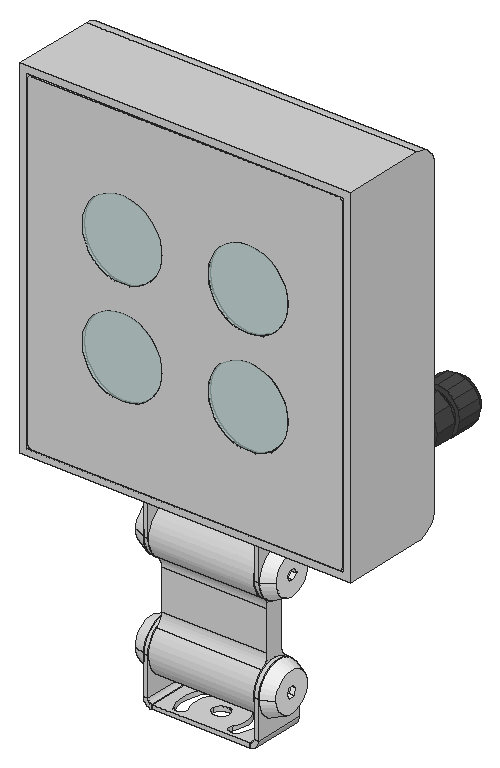
Revit family "Duomo 2.0", category Lighting Fixtures, Revit 2020
Family settings
  Round Connector Dimension = Use Diameter
  Part Type = Normal
  OmniClass Number = 23.80.70.00
  OmniClass Title = Lighting
  Work Plane-Based = No
  Always vertical = No
  Cut with Voids When Loaded = No
  Light Source = No
  Shared = No
  Room Calculation Point = Yes
Parameters (values of type "DUOMO 2.0 J 43° (3000K 19W 230Vac)")
  Wiring = "parallel"
  Width mm = 50 mm
  Weight kg = "1.55 kg"
  Vertical rotation max = 220.00°
  Vertical Rotation Structure max [instance] = 280.00°
  Vertical Rotation Structure Adjusted [instance] = if(Vertical Rotation Structure 2 < Vertical Rotation Structure min, Vertical Rotation Structure min, if(Vertical Rotation Structure 2 > Vertical Rotation Structure max, Vertical Rotation Structure max, Vertical Rotation Structure 2))  # 180.00°
  Vertical Rotation Structure 2 [instance] = Vertical Rotation Structure + 180.00°  # 180.00°
  Vertical Rotation Structure min [instance] = 60.00°
  Vertical Rotation Body min [instance] = 60.00°
  Vertical Rotation Body max [instance] = 280.00°
  Vertical Rotation Body Adjusted [instance] = if(Vertical Rotation Body 2 < Vertical Rotation Body min, Vertical Rotation Body min, if(Vertical Rotation Body 2 > Vertical Rotation Body max, Vertical Rotation Body max, Vertical Rotation Body 2))  # 180.00°
  Vertical Rotation Body 2 [instance] = Vertical Rotation Body + 180.00°  # 180.00°
  Vertical Rotation Body [instance] = 0.00°
  URL Accessories and power supply units = "https://www.lucelight.it/en/prodotto.php/130043#a-scheda-accessori"
  URL = "https://www.lucelight.it/en/prodotto.php/130043"
  URL Technical sheet = "-"
  URL Image = "https://www.lucelight.it/en/prodotto-foto.php/130043"
  URL IES Photometric file = "https://www.lucelight.it/media/prodotti/fotometrie/duomo_2.0_ies.zip"
  URL General code = "https://www.lucelight.it/en/prodotto.php/130043#a-generacodice"
  URL Description = "https://www.lucelight.it/en/capitolato.php/130043"
  URL DXF = "https://www.lucelight.it/media/prodotti/dxf/duomo_2.0.dxf"
  URL Catalogue = "-"
  Screw = L&L_Steel inox AISI 316L
  Power supply unit = "built-in"
  Power supply = "230Vac\r\n230Vac"
  Power cables = "-"
  Light Source = Light Source_20 : J 43°
  Connector = L&L_Plastic
  Power = "19W"
  Optics = "43°"
  No. and type of led = "4 power LEDs High Intensity, 3-step MacAdam, 50 000h L90 B10 (Ta 25°C)"
  Model = "Duomo 2.0"
  Manufacturer = "L&L Luce&Light"
  Notes = "available on request with adapter for Eurostandard track and in DALI, 1–10V or PUSH version, or with Bluetooth control"
  Mounting = "surface mounted (ceiling, wall, floor)"
  Material = "body and arm in Anticorodal aluminium,  screen in serigraphed, tempered, extra-clear glass"
  Lumen output at source = "1629 lm (3000K, CRI 90), 1760 lm (3000K, CRI 80)"
  Description = "Projector for indoor applications"
  Default Elevation = 0 mm
  Body = L&L_Anticorodal aluminium
  Base = L&L_Anticorodal aluminium
  Lens = L&L_Tempered extra-clear glass
  Length mm = 156 mm
  LED Colour = "3000K (also available: 2700K and 4000K - ref. URL Technical sheet)"
  IP = "IP54"
  Height mm = 166 mm
  Vertical Rotation Structure [instance] = 0.00°
  Features = "electrical wiring simplified by the ability to connect the electrical cables directly to the connector"
  Energy efficiency class = "A A+ A++"
  Delivered lumen output = "1322 lm (3000K, 30°, CRI 90), 1428 lm (3000K, 30°, CRI 80)"
  Cutout dimensions = "-"
  Control system = "ON/OFF"
  Contact = "T: +39 0444 360571; E: lucelight@lucelight.it"
  Company = "L&L Luce&Light"
  Code = "-"
  CRI = ">90 (also available: CRI 80 - ref. URL Technical sheet)"
  Apparent Load Phase 1 = 19 W
Types (8, lengths in mm): name | Light Source | Optics
  DUOMO 2.0 J 43° (3000K 19W 230Vac) | Light Source_20 : J 43° | "43°"
  DUOMO 2.0 K 63° (3000K 19W 230Vac) | Light Source_20 : K 63° | "63°"
  DUOMO 2.0 L 35° (3000K 19W 230Vac) | Light Source_20 : L 35° | "35°"
  DUOMO 2.0 M 30° (3000K 19W 230Vac) | Light Source_20 : M 30° | "30°"
  DUOMO 2.0 S 14° (3000K 19W 230Vac) | Light Source_20 : S 14° | "14°"
  DUOMO 2.0 T 10° (3000K 19W 230Vac) | Light Source_20 : T 10° | "10°"
  DUOMO 2.0 W 18°x44° (3000K 19W 230Vac) | Light Source_20 : W 18°x44° | "18°x44°"
  DUOMO 2.0 X 44°x18° (3000K 19W 230Vac) | Light Source_20 : X 44°x18° | "44°x18°"
Reference planes
  plane 1 "Light Source Axis (F/B)": y = 0
  plane 2: z = 0
  plane 3 "Light Source Axis (L/R)": x = 0
  plane 4 "Light Source Elevation": z = 420
Lines and regions (mm)
  reference lines
    curve 1: line (0, 0, 22) -> (0, 0, -55)
    curve 2: line (0, 0, 22) -> (0, 0, 82)
Dimensions and locks
  level to plane 4 "Light Source Elevation" = 420 mm
  locked: curve 1 to level (angle 90.00°)
  "Vertical Rotation Structure Adjusted": angle curve 1 to curve 2
  aligned and locked: level to plane 2
  aligned and locked: curve 1 to plane 1 "Light Source Axis (F/B)"
Automatic sketch dimensions
  level to curve 2 = 22 mm
Nested families
  nested 1: "Bracket" at (0, 0, 0), Vertical Rotation <- "Vertical Rotation Structure Adjusted", Base Braket <- "Base", Screw <- "Screw", type "Bracket"
    with Vertical Rotation 180.00°, Screw L&L_Steel inox AISI 316L, Base Braket L&L_Anticorodal aluminium
  nested 2: "Light Source_20" at (-5.209, -21.5, 177.993) x (-1, 0, 0) z (0, -1, 0), type <- "Light Source", type "J 43°"
  nested 3: "Duomo 20_Body" at (0.18, 0, 72), Base Braket <- "Base", Body <- "Body", Connector <- "Connector", Lens <- "Lens", Screw <- "Screw", Vertical Rotation <- "Vertical Rotation Body Adjusted", type "Duomo 20_Body"
    with Vertical Rotation 180.00°, Screw L&L_Steel inox AISI 316L, Lens L&L_Tempered extra-clear glass, Connector L&L_Plastic, Body L&L_Anticorodal aluminium, Base Braket L&L_Anticorodal aluminium
Connectors
  electrical at (0, 0, 0)
    settings: index 1, voltage 0 V, apparent load 0 VA, apparent load phase1 0 VA, apparent load phase2 0 VA, apparent load phase3 0 VA, power factor 1, load classification "Other", number of poles 1, system type 31, power factor state 1, is connector primary yes, connector utility no, sub classification motor no, connector description ""
Definition of nested family "Bracket"
  Parameters (values of type "Bracket")
    Width = 24 mm
    Vertical Rotation [instance] = 180.00°
    Screw [instance] = none
    Length = 66.8 mm
    Default Elevation = 0 mm
    Base Braket [instance] = none
  Reference planes
    plane 1 "Light Source Axis (F/B)": y = 0
    plane 2: z = 0
    plane 3 "Light Source Axis (L/R)": x = 0
    plane 4 "Light Source Elevation": z = 475
    plane 5: x = -33.4
    plane 6: x = 33.4
    plane 7: y = 12
    plane 8: y = -12
  Forms (mm)
    Extrusion 1, solid, material <- "Base Braket"
      sketch origin (0, 0, 0) x (1, 0, 0) y (0, 0, 1)
        loop
          arc (-27.4, 4) -> (-26.228, 1.172) -> (-23.4, 0) r 4
          line (-23.4, 0) -> (-23.4, 2)
          arc (-23.4, 2) -> (-24.814, 2.586) -> (-25.4, 4) r 2
          line (-25.4, 4) -> (-27.4, 4)
        loop
          arc (23.4, 0) -> (26.228, 1.172) -> (27.4, 4) r 4
          line (27.4, 4) -> (25.4, 4)
          arc (25.4, 4) -> (24.814, 2.586) -> (23.4, 2) r 2
          line (23.4, 2) -> (23.4, 0)
      from -12 to 12
    Extrusion 2, solid, material <- "Base Braket", detail levels coarse+medium
      sketch origin (0, 0, 0) x (1, 0, 0) y (0, 1, 0)
        loop
          line (-23.4, 12) -> (-23.4, -12) -> (23.4, -12) -> (23.4, 12) -> (-23.4, 12)
      from 0 to 2
    Extrusion 3, solid, material <- "Base Braket", detail levels fine
      sketch origin (0, 0, 0) x (1, 0, 0) y (0, 1, 0)
        loop
          line (-23.4, 12) -> (-23.4, -12) -> (23.4, -12) -> (23.4, 12) -> (-23.4, 12)
        loop
          circle (0, 0) r 4
        loop
          arc (-10.442, 5.913) -> (-11.574, 10.002) -> (-15.663, 8.87) r 3
          arc (-15.663, 8.87) -> (-18, 0) -> (-15.663, -8.87) r 18
          arc (-15.663, -8.87) -> (-11.574, -10.002) -> (-10.442, -5.913) r 3
          arc (-10.442, -5.913) -> (-12, 0) -> (-10.442, 5.913) r 12
        loop
          arc (10.442, 5.913) -> (12, 0) -> (10.442, -5.913) r 12
          arc (10.442, -5.913) -> (11.574, -10.002) -> (15.663, -8.87) r 3
          arc (15.663, -8.87) -> (18, 0) -> (15.663, 8.87) r 18
          arc (15.663, 8.87) -> (11.574, 10.002) -> (10.442, 5.913) r 3
      from 0 to 2
    Extrusion 4, solid, material <- "Base Braket"
      sketch origin (0, 0, 0) x (0, 1, 0) y (0, 0, 1)
        loop
          line (12, 4) -> (12, 22)
          arc (12, 22) -> (0, 34) -> (-12, 22) r 12
          line (-12, 22) -> (-12, 4) -> (12, 4)
      from -27.4 to -25.4
    Extrusion 5, solid, material <- "Base Braket"
      sketch origin (31.914, 0, 0) x (0, 1, 0) y (0, 0, 1)
        loop
          line (12, 4) -> (12, 22)
          arc (12, 22) -> (0, 34) -> (-12, 22) r 12
          line (-12, 22) -> (-12, 4) -> (12, 4)
      from -6.514 to -4.514
    Blend 6, solid, material <- "Screw", detail levels fine
      base sketch origin (0, 0, 0) x (0, 1, 0) y (0, 0, 1)
        loop
          circle (0, 22) r 12
      top sketch origin (0, 0, 0) x (0, 1, 0) y (0, 0, 1)
        loop
          circle (0, 22) r 9.138
      from 27.4 to 33.4
    Blend 7, solid, material <- "Screw", detail levels fine
      base sketch origin (0, 0, 0) x (0, 1, 0) y (0, 0, -1)
        loop
          circle (0, -22) r 12
      top sketch origin (0, 0, 0) x (0, 1, 0) y (0, 0, -1)
        loop
          circle (0, -22) r 9.138
      from 27.4 to 33.4
    Extrusion 8, solid, material <- "Screw", detail levels medium
      sketch origin (0, 0, 0) x (0, 1, 0) y (0, 0, 1)
        loop
          circle (0, 22) r 12
      from -33.4 to -27.4
    Extrusion 9, solid, material <- "Screw", detail levels medium
      sketch origin (0, 0, 0) x (0, 1, 0) y (0, 0, -1)
        loop
          circle (0, -22) r 12
      from -33.4 to -27.4
    Extrusion 10, void
      sketch origin (0, 0, 0) x (0, 1, 0) y (0, 0, 1)
        loop
          line (-1.844, 24.221) -> (-2.845, 21.513) -> (-1.001, 19.292) -> (1.844, 19.779) -> (2.845, 22.487) -> (1.001, 24.708) -> (-1.844, 24.221)
      from -46.814 to -30.9
    Extrusion 11, void
      sketch origin (0, 0, 0) x (0, 1, 0) y (0, 0, -1)
        loop
          line (-1.844, -24.221) -> (1.001, -24.708) -> (2.845, -22.487) -> (1.844, -19.779) -> (-1.001, -19.292) -> (-2.845, -21.513) -> (-1.844, -24.221)
      from -46.814 to -30.9
    Extrusion 12, solid, material <- "Base Braket"
      sketch origin (0, 0, 22) x (0, 0, 1) y (0, -1, 0)
        loop
          arc (9.784, 6.947) -> (-12, 0) -> (9.784, -6.947) r 12
          arc (9.784, -6.947) -> (12.28, -4.78) -> (15.492, -4) r 7
          line (15.492, -4) -> (34.508, -4)
          arc (34.508, -4) -> (37.72, -4.78) -> (40.216, -6.947) r 7
          arc (40.216, -6.947) -> (38, 0) -> (40.216, 6.947) r 12
          arc (40.216, 6.947) -> (37.72, 4.78) -> (34.508, 4) r 7
          line (34.508, 4) -> (15.492, 4)
          arc (15.492, 4) -> (12.28, 4.78) -> (9.784, 6.947) r 7
      from -24.9 to 25.1
  Cuts and joins
    Extrusion 10 cuts Blend 7
    Extrusion 11 cuts Blend 6
  Lines and regions (mm)
    reference lines
      curve 1: line (0, 0, 0) -> (0, 0, 22)
      curve 2: line (0, 0, 22) -> (0, 0, 84.907)
  Dimensions and locks
    equal spacing: plane 5, plane 3 "Light Source Axis (L/R)", plane 6
    "Length": plane 5 to plane 6
    level to plane 4 "Light Source Elevation" = 475 mm
    equal spacing: plane 7, plane 1 "Light Source Axis (F/B)", plane 8
    "Width": plane 7 to plane 8
    locked: curve 1 to level (angle 90.00°)
    "Vertical Rotation": angle curve 1 to curve 2
    aligned and locked: level to plane 2
    aligned and locked: plane 7 to Extrusion 1
    aligned and locked: Extrusion 1 to plane 8
    aligned and locked: Extrusion 2 sketch curve to Extrusion 1  (x4)
  Automatic sketch dimensions
    Extrusion 1 sketch curve to level = 0 mm  (x2)
    Extrusion 1 sketch curve to Extrusion 1 sketch curve = 2 mm  (x4)
    Extrusion 3 sketch curve to Extrusion 3 sketch curve = 0 mm  (x13)
    Extrusion 3 sketch curve to plane 8 = 0 mm
    Extrusion 3 sketch curve to plane 7 = 0 mm
    plane 1 "Light Source Axis (F/B)" to Extrusion 3 sketch curve = 0 mm
    Extrusion 3 sketch curve to plane 3 "Light Source Axis (L/R)" = 0 mm
    plane 8 to Extrusion 3 sketch curve = 4.609 mm  (x2)
    Extrusion 3 sketch curve to plane 3 "Light Source Axis (L/R)" = 13.052 mm  (x2)
    Extrusion 3 sketch curve to plane 7 = 4.609 mm  (x2)
    plane 3 "Light Source Axis (L/R)" to Extrusion 3 sketch curve = 13.052 mm  (x2)
    Extrusion 3 sketch curve to Extrusion 3 sketch curve = 2.61 mm  (x7)
    Extrusion 4 sketch curve to plane 8 = 0 mm
    Extrusion 4 sketch curve to plane 1 "Light Source Axis (F/B)" = 0 mm
    level to Extrusion 4 sketch curve = 4 mm
    Extrusion 4 sketch curve to Extrusion 4 sketch curve = 18 mm
    Extrusion 4 sketch curve to Extrusion 4 sketch curve = 0 mm
    Extrusion 5 sketch curve to plane 8 = 0 mm
    Extrusion 5 sketch curve to plane 1 "Light Source Axis (F/B)" = 0 mm
    level to Extrusion 5 sketch curve = 4 mm
    Extrusion 5 sketch curve to Extrusion 5 sketch curve = 18 mm
    Extrusion 5 sketch curve to Extrusion 5 sketch curve = 0 mm
    Blend 6 sketch curve to plane 1 "Light Source Axis (F/B)" = 0 mm  (x2)
    level to Blend 6 sketch curve = 22 mm  (x2)
    Blend 7 sketch curve to plane 1 "Light Source Axis (F/B)" = 0 mm  (x2)
    level to Blend 7 sketch curve = 22 mm  (x2)
    Extrusion 8 sketch curve to plane 1 "Light Source Axis (F/B)" = 0 mm
    level to Extrusion 8 sketch curve = 22 mm
    Extrusion 9 sketch curve to plane 1 "Light Source Axis (F/B)" = 0 mm
    level to Extrusion 9 sketch curve = 22 mm
    plane 1 "Light Source Axis (F/B)" to Extrusion 10 sketch curve = 2.845 mm
    plane 1 "Light Source Axis (F/B)" to Extrusion 10 sketch curve = 1.844 mm
    plane 1 "Light Source Axis (F/B)" to Extrusion 10 sketch curve = 1.001 mm
    Extrusion 10 sketch curve to plane 1 "Light Source Axis (F/B)" = 1.001 mm
    Extrusion 10 sketch curve to plane 1 "Light Source Axis (F/B)" = 1.844 mm
    Extrusion 10 sketch curve to plane 1 "Light Source Axis (F/B)" = 2.845 mm
    level to Extrusion 10 sketch curve = 19.292 mm
    Extrusion 10 sketch curve to Extrusion 10 sketch curve = 0.487 mm
    Extrusion 10 sketch curve to Extrusion 10 sketch curve = 2.221 mm  (x2)
    Extrusion 10 sketch curve to Extrusion 10 sketch curve = 2.708 mm  (x2)
    plane 1 "Light Source Axis (F/B)" to Extrusion 11 sketch curve = 2.845 mm
    plane 1 "Light Source Axis (F/B)" to Extrusion 11 sketch curve = 1.844 mm
    plane 1 "Light Source Axis (F/B)" to Extrusion 11 sketch curve = 1.001 mm
    Extrusion 11 sketch curve to plane 1 "Light Source Axis (F/B)" = 1.001 mm
    Extrusion 11 sketch curve to plane 1 "Light Source Axis (F/B)" = 1.844 mm
    Extrusion 11 sketch curve to plane 1 "Light Source Axis (F/B)" = 2.845 mm
    level to Extrusion 11 sketch curve = 24.708 mm
    Extrusion 11 sketch curve to Extrusion 11 sketch curve = 0.487 mm
    Extrusion 11 sketch curve to Extrusion 11 sketch curve = 2.221 mm  (x2)
    Extrusion 11 sketch curve to Extrusion 11 sketch curve = 2.708 mm  (x2)
    Extrusion 1 sketch curve to plane 6 = 10 mm
    Extrusion 3 sketch curve to Extrusion 3 sketch curve = 7.737 mm  (x2)
    Extrusion 1 sketch curve to Extrusion 1 sketch curve = 0 mm
    plane 5 to Extrusion 1 sketch curve = 10 mm
    Extrusion 12 sketch curve to curve 2 = 0 mm  (x3)
    Extrusion 12 sketch curve to curve 2 = 11 mm
    Extrusion 12 sketch curve to curve 2 = 28.399 mm
    Extrusion 12 sketch curve to curve 2 = 4 mm
    Extrusion 12 sketch curve to Extrusion 12 sketch curve = 5.708 mm  (x4)
    Extrusion 12 sketch curve to Extrusion 12 sketch curve = 0 mm  (x6)
    curve 2 to Extrusion 12 sketch curve = 4 mm
    Extrusion 12 sketch curve to Extrusion 12 sketch curve = 7 mm
    Extrusion 12 sketch curve to Extrusion 12 sketch curve = 9.784 mm
    Extrusion 12 sketch curve to curve 2 = 6.947 mm
    curve 1 to plane 1 "Light Source Axis (F/B)" = 0 mm
    curve 1 to level = 0 mm
    radius of Extrusion 3 sketch curve = 4 mm
    radius of Blend 6 sketch curve = 12 mm
    radius of Blend 6 sketch curve = 9.138 mm
    radius of Blend 7 sketch curve = 12 mm
    radius of Blend 7 sketch curve = 9.138 mm
    radius of Extrusion 8 sketch curve = 12 mm
    radius of Extrusion 9 sketch curve = 12 mm
Definition of nested family "Duomo 20_Body"
  Parameters (values of type "Duomo 20_Body")
    Width = 24 mm
    Vertical Rotation [instance] = 180.00°
    Screw [instance] = none
    Lens [instance] = none
    Length = 66.8 mm
    Default Elevation = 1219.2 mm
    Connector [instance] = none
    Body [instance] = none
    Base Braket [instance] = none
  Reference planes
    plane 1 "Light Source Axis (F/B)": y = 0
    plane 2: z = 0
    plane 3 "Light Source Axis (L/R)": x = 0
    plane 4 "Light Source Elevation": z = 475
    plane 5: x = -33.4
    plane 6: x = 33.4
    plane 7: y = 12
    plane 8: y = -12
  Lines and regions (mm)
    reference lines
      curve 1: line (0, 0, -78.016) -> (0, 0, 0)
      curve 2: line (0, 0, 0) -> (0, 0, 73.234)
  Dimensions and locks
    equal spacing: plane 5, plane 3 "Light Source Axis (L/R)", plane 6
    "Length": plane 5 to plane 6
    level to plane 4 "Light Source Elevation" = 475 mm
    equal spacing: plane 7, plane 1 "Light Source Axis (F/B)", plane 8
    "Width": plane 7 to plane 8
    locked: curve 1 to level (angle 90.00°)
    "Vertical Rotation": angle curve 1 to curve 2
    aligned and locked: level to plane 2
    aligned and locked: level to curve 1
    aligned and locked: curve 1 to curve 2
  Automatic sketch dimensions
    curve 1 to plane 1 "Light Source Axis (F/B)" = 0 mm
    curve 2 to level = 0 mm
  Nested families
    nested 1: "Body" at (0.6, 0, 0), Body <- "Body", Connector <- "Connector", Lens <- "Lens", Screw <- "Screw", type "Body"
      with Screw none, Lens none, Connector none, Body none
    nested 2: "Hinge" at (0, 0, 0) x (-1, 0, 0) z (0, 0, 1), Base Braket <- "Base Braket", Screw <- "Screw", type "Hinge"
      with Vertical Rotation 180.00°, Base Braket none
  Definition of nested family "Body"
    Parameters (values of type "Body")
      Width = 24 mm
      Screw [instance] = none
      Length = 66.8 mm
      Lens [instance] = none
      Default Elevation = 1219.2 mm
      Connector [instance] = none
      Body [instance] = none
    Reference planes
      plane 1 "Light Source Axis (F/B)": y = 0
      plane 2: z = 0
      plane 3 "Light Source Axis (L/R)": x = 0
      plane 4 "Light Source Elevation": z = 475
      plane 5: x = -33.4
      plane 6: x = 33.4
      plane 7: y = 12
      plane 8: y = -12
    Forms (mm)
      Extrusion 1, solid, material <- "Body", detail levels coarse
        sketch origin (0, 0, 0) x (0, 0, 1) y (0, -1, 0)
          loop
            line (188.2, -18.033) -> (188.2, 21.5) -> (22, 21.5) -> (22, -18.033)
            arc (22, -18.033) -> (24.224, -24.53) -> (29.963, -28.3) r 10.6
            line (29.963, -28.3) -> (180.237, -28.3)
            arc (180.237, -28.3) -> (185.976, -24.53) -> (188.2, -18.033) r 10.6
        from -79.2 to 78
      Extrusion 2, solid, material <- "Lens", detail levels medium+fine
        sketch origin (-30.584, 0, 0) x (0, 0, 1) y (1, 0, 0)
          loop
            circle (130.075, 0) r 19.016
          loop
            circle (79.956, 0) r 19.016
        from -21.5 to -20.5
      Extrusion 3, solid, material <- "Body", detail levels medium+fine
        sketch origin (0, 0, 0) x (0, 0, 1) y (0, -1, 0)
          loop
            line (188.2, -18.033) -> (188.2, 21.5) -> (22, 21.5) -> (22, -18.033)
            arc (22, -18.033) -> (24.224, -24.53) -> (29.963, -28.3) r 10.6
            line (29.963, -28.3) -> (180.237, -28.3)
            arc (180.237, -28.3) -> (185.976, -24.53) -> (188.2, -18.033) r 10.6
        from -79.2 to 78
      Extrusion 4, void
        sketch origin (0, 0, 0) x (0, 0, 1) y (1, 0, 0)
          loop
            line (185.1, -76.1) -> (185.1, 74.9) -> (25.1, 74.9) -> (25.1, -76.1) -> (185.1, -76.1)
        from -160.769 to 12
      Extrusion 5, solid, material <- "Body", detail levels medium+fine
        sketch origin (0, 0, 0) x (0, 0, 1) y (1, 0, 0)
          loop
            line (184.6, -73.6) -> (184.6, 72.4)
            arc (184.6, 72.4) -> (184.014, 73.814) -> (182.6, 74.4) r 2
            line (182.6, 74.4) -> (27.6, 74.4)
            arc (27.6, 74.4) -> (26.186, 73.814) -> (25.6, 72.4) r 2
            line (25.6, 72.4) -> (25.6, -73.6)
            arc (25.6, -73.6) -> (26.186, -75.014) -> (27.6, -75.6) r 2
            line (27.6, -75.6) -> (182.6, -75.6)
            arc (182.6, -75.6) -> (184.014, -75.014) -> (184.6, -73.6) r 2
          loop
            circle (130.075, -30.584) r 19.016
          loop
            circle (130.075, 29.416) r 19.016
          loop
            circle (79.956, -30.584) r 19.016
          loop
            circle (79.956, 29.416) r 19.016
        from -21.5 to -20.5
      Extrusion 6, solid, material <- "Screw", detail levels medium+fine
        sketch origin (0, 0, 0) x (1, 0, 0) y (0, 1, 0)
          loop
            circle (-13.6, 0) r 6
        from 19 to 20
      Extrusion 7, solid, material <- "Screw", detail levels fine
        sketch origin (-0.123, 2.332, 0) x (0.985191, 0.171462, 0) y (-0.171462, 0.985191, 0)
          loop
            line (-8.726, 2.73) -> (-13.722, 5.614) -> (-18.719, 2.73) -> (-18.719, -3.039) -> (-13.722, -5.924) -> (-8.726, -3.039) -> (-8.726, 2.73)
        from 15 to 19
      Extrusion 8, solid, material <- "Screw", detail levels medium+fine
        sketch origin (25, 0, 0) x (1, 0, 0) y (0, 1, 0)
          loop
            circle (-13.6, 0) r 6
        from 19 to 20
      Extrusion 9, solid, material <- "Screw", detail levels fine
        sketch origin (24.877, 2.332, 0) x (0.985191, 0.171462, 0) y (-0.171462, 0.985191, 0)
          loop
            line (-8.726, 2.73) -> (-13.722, 5.614) -> (-18.719, 2.73) -> (-18.719, -3.039) -> (-13.722, -5.924) -> (-8.726, -3.039) -> (-8.726, 2.73)
        from 15 to 19
      Extrusion 10, solid, material <- "Lens", detail levels medium+fine
        sketch origin (29.416, 0, 0) x (0, 0, 1) y (1, 0, 0)
          loop
            circle (130.075, 0) r 19.016
          loop
            circle (79.956, 0) r 19.016
        from -21.5 to -20.5
      Revolve 11, solid, material <- "Connector", detail levels fine
        sketch origin (47.034, 0, 0) x (0, 0, 1) y (0, -1, 0)
          loop
            line (56.5, -28.3) -> (45, -28.3) -> (45, -54.004) -> (56.5, -54.004) -> (56.5, -37.154) -> (52.491, -37.154) -> (52.491, -36.354) -> (56.5, -36.354) -> (56.5, -28.3)
          axis (45, -28.3) -> (45, -54.004)
        angle from 0 to 360
      Extrusion 12, solid, material <- "Connector", detail levels fine
        sketch origin (91.234, 0, 0) x (1, 0, 0) y (0, 0, 1)
          loop
            line (-53.62, 51.596) -> (-55.698, 44.799) -> (-53.384, 38.079) -> (-47.562, 34.002) -> (-40.456, 34.127) -> (-34.78, 38.404) -> (-32.702, 45.201) -> (-35.016, 51.921) -> (-40.838, 55.998) -> (-47.944, 55.873) -> (-53.62, 51.596)
        from -65.004 to -54.004
      Revolve 13, solid, material <- "Connector", detail levels fine
        sketch origin (47.034, 0, 0) x (0, 0, 1) y (0, -1, 0)
          loop
            arc (53.496, -65.5) -> (53.644, -65.149) -> (53.996, -65.004) r 0.5
            line (53.996, -65.004) -> (44.799, -65.004) -> (44.799, -68.021) -> (53.496, -68.021) -> (54.151, -67.558) -> (54.151, -66.758) -> (53.496, -66.3) -> (53.496, -65.5)
          axis (44.799, -65.004) -> (44.799, -68.021)
        angle from 0 to 360
      Extrusion 14, solid, material <- "Connector", detail levels fine
        sketch origin (91.234, 19.006, 0) x (1, 0, 0) y (0, 0, 1)
          loop
            line (-47.944, 55.873) -> (-51.82, 53.613) -> (-54.536, 50.041) -> (-55.679, 45.702) -> (-55.073, 41.256) -> (-52.813, 37.38) -> (-49.241, 34.664) -> (-44.902, 33.521) -> (-40.456, 34.127) -> (-36.58, 36.387) -> (-33.864, 39.959) -> (-32.721, 44.298) -> (-33.327, 48.744) -> (-35.587, 52.62) -> (-39.159, 55.336) -> (-43.498, 56.479) -> (-47.944, 55.873)
        from -60.692 to -49.016
      Revolve 15, solid, material <- "Connector", detail levels fine
        sketch origin (47.034, 15.433, 0) x (0, 0, 1) y (0, -1, 0)
          loop
            arc (52.25, -68.022) -> (54.303, -67.171) -> (55.153, -65.118) r 2.903
            line (55.153, -65.118) -> (55.153, -64.265) -> (44.799, -64.265) -> (44.799, -68.022) -> (52.25, -68.022)
          axis (44.799, -64.265) -> (44.799, -68.022)
        angle from 0 to 360
      Revolve 16, solid, material <- "Connector", detail levels fine
        sketch origin (-48.06, 28.3, 44.906) x (1, 0, 0) y (0, 1, 0)
          loop
            line (-11.264, 24.675) -> (-11.43, 5.675) -> (-12.419, 5.675) -> (-12.419, 4.675) -> (-11.419, 4.675) -> (-11.419, 3.875) -> (-12.219, 3.875) -> (-12.219, 0) -> (0, 0) -> (0, 28.575) -> (-3.669, 28.575) -> (-4.235, 28.009) -> (-4.07, 25.675) -> (-4.919, 25.675) -> (-4.919, 24.894) -> (-7.653, 24.894) -> (-8.424, 24.675) -> (-11.264, 24.675)
          axis (0, 0) -> (0, 28.575)
        angle from 0 to 360
      Extrusion 17, solid, material <- "Connector", detail levels fine
        sketch origin (-48.06, 28.3, 44.906) x (1, 0, 0) y (0, 1, 0)
          loop
            line (0, 25.675) -> (0, 24.675) -> (11.498, 24.675)
            arc (11.498, 24.675) -> (15.336, 24.575) -> (19.164, 24.274) r 73.336
            arc (19.164, 24.274) -> (21.112, 23.77) -> (22.828, 22.718) r 6.808
            arc (22.828, 22.718) -> (24.467, 20.543) -> (24.987, 17.871) r 6.052
            arc (24.987, 17.871) -> (24.69, 15.045) -> (24.002, 12.289) r 20.362
            arc (24.002, 12.289) -> (23.006, 10.292) -> (21.47, 8.672) r 7.551
            arc (21.47, 8.672) -> (19.295, 7.206) -> (16.938, 6.056) r 18.8
            arc (16.938, 6.056) -> (16.327, 5.839) -> (15.699, 5.675) r 7.547
            line (15.699, 5.675) -> (9.749, 5.675) -> (9.749, 4.675) -> (15.802, 4.675)
            arc (15.802, 4.675) -> (16.568, 4.867) -> (17.313, 5.129) r 8.547
            arc (17.313, 5.129) -> (19.795, 6.34) -> (22.086, 7.884) r 19.8
            arc (22.086, 7.884) -> (23.826, 9.718) -> (24.953, 11.98) r 8.551
            arc (24.953, 11.98) -> (25.674, 14.872) -> (25.986, 17.836) r 21.362
            arc (25.986, 17.836) -> (25.381, 20.95) -> (23.471, 23.484) r 7.052
            arc (23.471, 23.484) -> (21.503, 24.69) -> (19.268, 25.268) r 7.808
            arc (19.268, 25.268) -> (15.389, 25.573) -> (11.498, 25.675) r 74.336
            line (11.498, 25.675) -> (0, 25.675)
        from -3.602 to 3.609
    Cuts and joins
      Extrusion 4 cuts Extrusion 3
    Dimensions and locks
      equal spacing: plane 5, plane 3 "Light Source Axis (L/R)", plane 6
      "Length": plane 5 to plane 6
      level to plane 4 "Light Source Elevation" = 475 mm
      equal spacing: plane 7, plane 1 "Light Source Axis (F/B)", plane 8
      "Width": plane 7 to plane 8
      aligned and locked: level to plane 2
      aligned and locked: plane 7 to Extrusion 4
    Automatic sketch dimensions
      plane 7 to Extrusion 1 sketch curve = 6.033 mm  (x2)
      level to Extrusion 1 sketch curve = 22 mm
      Extrusion 1 sketch curve to Extrusion 1 sketch curve = 7.963 mm
      Extrusion 1 sketch curve to Extrusion 1 sketch curve = 2.637 mm  (x2)
      Extrusion 1 sketch curve to Extrusion 1 sketch curve = 145 mm
      Extrusion 1 sketch curve to plane 8 = 9.5 mm
      plane 5 to Extrusion 2 sketch curve = 2.816 mm  (x2)
      level to Extrusion 2 sketch curve = 79.956 mm
      Extrusion 2 sketch curve to Extrusion 2 sketch curve = 50.118 mm
      plane 7 to Extrusion 3 sketch curve = 6.033 mm  (x2)
      level to Extrusion 3 sketch curve = 22 mm
      Extrusion 3 sketch curve to Extrusion 3 sketch curve = 7.963 mm
      Extrusion 3 sketch curve to Extrusion 3 sketch curve = 2.637 mm  (x2)
      Extrusion 3 sketch curve to Extrusion 3 sketch curve = 145 mm
      Extrusion 3 sketch curve to plane 8 = 9.5 mm
      level to Extrusion 4 sketch curve = 25.1 mm
      Extrusion 4 sketch curve to plane 5 = 42.7 mm
      Extrusion 4 sketch curve to Extrusion 4 sketch curve = 160 mm
      plane 6 to Extrusion 4 sketch curve = 41.5 mm
      level to Extrusion 5 sketch curve = 25.6 mm
      Extrusion 5 sketch curve to Extrusion 5 sketch curve = 2 mm  (x3)
      Extrusion 5 sketch curve to plane 5 = 42.2 mm
      Extrusion 5 sketch curve to Extrusion 5 sketch curve = 155 mm
      plane 6 to Extrusion 5 sketch curve = 39 mm
      Extrusion 5 sketch curve to Extrusion 5 sketch curve = 0 mm  (x4)
      plane 1 "Light Source Axis (F/B)" to Extrusion 6 sketch curve = 0 mm
      Extrusion 6 sketch curve to plane 3 "Light Source Axis (L/R)" = 13.6 mm
      plane 1 "Light Source Axis (F/B)" to Extrusion 7 sketch curve = 3.872 mm
      plane 5 to Extrusion 7 sketch curve = 15.356 mm
      Extrusion 7 sketch curve to Extrusion 7 sketch curve = 4.996 mm  (x3)
      Extrusion 7 sketch curve to Extrusion 7 sketch curve = 0 mm
      Extrusion 7 sketch curve to Extrusion 7 sketch curve = 2.885 mm  (x2)
      Extrusion 7 sketch curve to Extrusion 7 sketch curve = 5.769 mm  (x2)
      plane 1 "Light Source Axis (F/B)" to Extrusion 8 sketch curve = 0 mm
      plane 3 "Light Source Axis (L/R)" to Extrusion 8 sketch curve = 11.4 mm
      plane 1 "Light Source Axis (F/B)" to Extrusion 9 sketch curve = 3.872 mm
      plane 3 "Light Source Axis (L/R)" to Extrusion 9 sketch curve = 6.956 mm
      Extrusion 9 sketch curve to Extrusion 9 sketch curve = 4.996 mm  (x3)
      Extrusion 9 sketch curve to Extrusion 9 sketch curve = 0 mm
      Extrusion 9 sketch curve to Extrusion 9 sketch curve = 2.885 mm  (x2)
      Extrusion 9 sketch curve to Extrusion 9 sketch curve = 5.769 mm  (x2)
      Extrusion 10 sketch curve to plane 6 = 3.984 mm  (x2)
      level to Extrusion 10 sketch curve = 79.956 mm
      Extrusion 10 sketch curve to Extrusion 10 sketch curve = 50.118 mm
      plane 5 to Extrusion 5 sketch curve = 2.816 mm  (x2)
      Extrusion 5 sketch curve to Extrusion 5 sketch curve = 52.525 mm
      Extrusion 5 sketch curve to Extrusion 5 sketch curve = 19.016 mm  (x4)
      Extrusion 5 sketch curve to plane 6 = 3.984 mm  (x2)
      Extrusion 5 sketch curve to Extrusion 5 sketch curve = 31.103 mm  (x2)
      Revolve 11 sketch curve to plane 1 "Light Source Axis (F/B)" = 28.3 mm
      level to Revolve 11 sketch curve = 45 mm
      plane 7 to Revolve 11 sketch curve = 25.154 mm
      Revolve 11 sketch curve to Revolve 11 sketch curve = 7.491 mm
      Revolve 11 sketch curve to Revolve 11 sketch curve = 11.5 mm
      Revolve 11 sketch curve to Revolve 11 sketch curve = 0 mm  (x2)
      plane 7 to Revolve 11 sketch curve = 42.004 mm
      Revolve 11 sketch curve to Revolve 11 sketch curve = 0.8 mm
      Revolve 11 sketch curve to Revolve 11 sketch curve = 1.893 mm
      Revolve 11 sketch curve to Revolve 11 sketch curve = 8.107 mm
      plane 6 to Extrusion 12 sketch curve = 2.136 mm
      Extrusion 12 sketch curve to Extrusion 12 sketch curve = 2.078 mm
      Extrusion 12 sketch curve to Extrusion 12 sketch curve = 2.314 mm  (x2)
      Extrusion 12 sketch curve to Extrusion 12 sketch curve = 5.676 mm  (x2)
      Extrusion 12 sketch curve to Extrusion 12 sketch curve = 5.822 mm  (x2)
      Extrusion 12 sketch curve to Extrusion 12 sketch curve = 7.106 mm  (x2)
      level to Extrusion 12 sketch curve = 34.002 mm
      Extrusion 12 sketch curve to Extrusion 12 sketch curve = 0.124 mm
      Extrusion 12 sketch curve to Extrusion 12 sketch curve = 4.077 mm  (x2)
      Extrusion 12 sketch curve to Extrusion 12 sketch curve = 4.277 mm  (x2)
      Extrusion 12 sketch curve to Extrusion 12 sketch curve = 6.72 mm  (x2)
      Extrusion 12 sketch curve to Extrusion 12 sketch curve = 6.797 mm  (x2)
      plane 7 to Revolve 13 sketch curve = 56.021 mm
      level to Revolve 13 sketch curve = 44.799 mm
      Revolve 13 sketch curve to Revolve 13 sketch curve = 8.696 mm
      Revolve 13 sketch curve to Revolve 13 sketch curve = 0 mm  (x4)
      Revolve 13 sketch curve to Revolve 13 sketch curve = 0.5 mm
      Revolve 13 sketch curve to Revolve 13 sketch curve = 0.655 mm
      Revolve 13 sketch curve to Revolve 13 sketch curve = 0.463 mm
      Revolve 13 sketch curve to Revolve 13 sketch curve = 0.8 mm
      Revolve 13 sketch curve to Revolve 13 sketch curve = 0.459 mm
      Revolve 13 sketch curve to Revolve 13 sketch curve = 0.796 mm
      Revolve 13 sketch curve to Revolve 13 sketch curve = 0.004 mm
      Revolve 13 sketch curve to Revolve 13 sketch curve = 3.017 mm
      Revolve 13 sketch curve to Revolve 13 sketch curve = 6.141 mm
      plane 6 to Extrusion 14 sketch curve = 2.156 mm
      Extrusion 14 sketch curve to Extrusion 14 sketch curve = 0.605 mm  (x2)
      Extrusion 14 sketch curve to Extrusion 14 sketch curve = 1.142 mm  (x4)
      Extrusion 14 sketch curve to Extrusion 14 sketch curve = 2.26 mm  (x4)
      Extrusion 14 sketch curve to Extrusion 14 sketch curve = 2.716 mm  (x4)
      Extrusion 14 sketch curve to Extrusion 14 sketch curve = 3.572 mm  (x4)
      Extrusion 14 sketch curve to Extrusion 14 sketch curve = 3.876 mm  (x4)
      Extrusion 14 sketch curve to Extrusion 14 sketch curve = 4.339 mm  (x4)
      Extrusion 14 sketch curve to Extrusion 14 sketch curve = 4.446 mm  (x4)
      level to Extrusion 14 sketch curve = 33.521 mm
      plane 7 to Revolve 15 sketch curve = 71.454 mm
      level to Revolve 15 sketch curve = 44.799 mm
      Revolve 15 sketch curve to Revolve 15 sketch curve = 7.45 mm
      Revolve 15 sketch curve to Revolve 15 sketch curve = 2.903 mm
      Revolve 15 sketch curve to Revolve 15 sketch curve = 0.853 mm
      Revolve 15 sketch curve to Revolve 15 sketch curve = 0 mm  (x2)
      Revolve 15 sketch curve to Revolve 15 sketch curve = 6.141 mm
      Revolve 16 sketch curve to plane 1 "Light Source Axis (F/B)" = 28.3 mm
      Revolve 16 sketch curve to plane 1 "Light Source Axis (F/B)" = 33.975 mm
      Revolve 16 sketch curve to plane 5 = 27.08 mm
      Revolve 16 sketch curve to Revolve 16 sketch curve = 0.2 mm
      Revolve 16 sketch curve to Revolve 16 sketch curve = 0.989 mm
      Revolve 16 sketch curve to Revolve 16 sketch curve = 0.011 mm
      Revolve 16 sketch curve to Revolve 16 sketch curve = 0.166 mm
      Revolve 16 sketch curve to Revolve 16 sketch curve = 2.841 mm
      Revolve 16 sketch curve to Revolve 16 sketch curve = 0.77 mm
      Revolve 16 sketch curve to Revolve 16 sketch curve = 2.734 mm
      Revolve 16 sketch curve to Revolve 16 sketch curve = 0.685 mm
      Revolve 16 sketch curve to Revolve 16 sketch curve = 0.85 mm
      Revolve 16 sketch curve to Revolve 16 sketch curve = 0.566 mm  (x2)
      Revolve 16 sketch curve to Revolve 16 sketch curve = 3.669 mm
      Revolve 16 sketch curve to Revolve 16 sketch curve = 1.8 mm
      Revolve 16 sketch curve to Revolve 16 sketch curve = 0.8 mm
      plane 7 to Revolve 16 sketch curve = 40.975 mm
      Revolve 16 sketch curve to Revolve 16 sketch curve = 0.219 mm
      Revolve 16 sketch curve to Revolve 16 sketch curve = 0.781 mm
      Revolve 16 sketch curve to Revolve 16 sketch curve = 2.334 mm
      Revolve 16 sketch curve to Revolve 16 sketch curve = 0 mm  (x2)
      Revolve 16 sketch curve to Revolve 16 sketch curve = 5 mm
      Extrusion 17 sketch curve to Extrusion 17 sketch curve = 0 mm  (x24)
      Extrusion 17 sketch curve to plane 5 = 14.66 mm
      Extrusion 17 sketch curve to Extrusion 17 sketch curve = 4.637 mm
      Extrusion 17 sketch curve to plane 5 = 4.911 mm
      Extrusion 17 sketch curve to plane 5 = 4.765 mm
      Extrusion 17 sketch curve to plane 5 = 3.162 mm
      Extrusion 17 sketch curve to plane 5 = 0.549 mm
      plane 5 to Extrusion 17 sketch curve = 1.039 mm
      Extrusion 17 sketch curve to Extrusion 17 sketch curve = 0.103 mm
      plane 5 to Extrusion 17 sketch curve = 2.161 mm
      Extrusion 17 sketch curve to Extrusion 17 sketch curve = 1.631 mm
      Extrusion 17 sketch curve to Extrusion 17 sketch curve = 0.486 mm
      Extrusion 17 sketch curve to plane 8 = 8.36 mm
      Extrusion 17 sketch curve to plane 1 "Light Source Axis (F/B)" = 32.975 mm
      Extrusion 17 sketch curve to Extrusion 17 sketch curve = 1 mm  (x2)
      plane 7 to Extrusion 17 sketch curve = 29.353 mm
      plane 7 to Extrusion 17 sketch curve = 30.922 mm
      Extrusion 17 sketch curve to Extrusion 17 sketch curve = 2.88 mm
      Extrusion 17 sketch curve to Extrusion 17 sketch curve = 0.579 mm
      plane 7 to Extrusion 17 sketch curve = 34.881 mm
      Extrusion 17 sketch curve to Extrusion 17 sketch curve = 4.906 mm
      Extrusion 17 sketch curve to Extrusion 17 sketch curve = 1.188 mm
      radius of Extrusion 2 sketch curve = 19.016 mm  (x2)
      radius of Extrusion 6 sketch curve = 6 mm
      radius of Extrusion 8 sketch curve = 6 mm
      radius of Extrusion 10 sketch curve = 19.016 mm  (x2)
  Definition of nested family "Hinge"
    Parameters (values of type "Hinge")
      Width = 24 mm
      Vertical Rotation [instance] = 180.00°
      Screw [instance] = none
      Length = 66.8 mm
      Default Elevation = 1219.2 mm
      Base Braket [instance] = none
    Reference planes
      plane 1 "Light Source Axis (F/B)": y = 0
      plane 2: z = 0
      plane 3 "Light Source Axis (L/R)": x = 0
      plane 4 "Light Source Elevation": z = 475
      plane 5: x = -33.4
      plane 6: x = 33.4
      plane 7: y = 12
      plane 8: y = -12
    Forms (mm)
      Blend 1, solid, material <- "Screw", detail levels fine
        base sketch origin (0, 0, -22) x (0, 1, 0) y (0, 0, 1)
          loop
            circle (0, 22) r 12
        top sketch origin (0, 0, -22) x (0, 1, 0) y (0, 0, 1)
          loop
            circle (0, 22) r 9.138
        from 27.4 to 33.4
      Blend 2, solid, material <- "Screw", detail levels fine
        base sketch origin (0, 0, -22) x (0, 1, 0) y (0, 0, -1)
          loop
            circle (0, -22) r 12
        top sketch origin (0, 0, -22) x (0, 1, 0) y (0, 0, -1)
          loop
            circle (0, -22) r 9.138
        from 27.4 to 33.4
      Extrusion 3, solid, material <- "Screw", detail levels medium
        sketch origin (0, 0, -22) x (0, 1, 0) y (0, 0, 1)
          loop
            circle (0, 22) r 12
        from -33.4 to -27.4
      Extrusion 4, solid, material <- "Screw", detail levels medium
        sketch origin (0, 0, -22) x (0, 1, 0) y (0, 0, -1)
          loop
            circle (0, -22) r 12
        from -33.4 to -27.4
      Extrusion 5, void
        sketch origin (0, 0, -22) x (0, 1, 0) y (0, 0, 1)
          loop
            line (-1.844, 24.221) -> (-2.845, 21.513) -> (-1.001, 19.292) -> (1.844, 19.779) -> (2.845, 22.487) -> (1.001, 24.708) -> (-1.844, 24.221)
        from -46.814 to -30.9
      Extrusion 6, void
        sketch origin (0, 0, -22) x (0, 1, 0) y (0, 0, -1)
          loop
            line (-1.844, -24.221) -> (1.001, -24.708) -> (2.845, -22.487) -> (1.844, -19.779) -> (-1.001, -19.292) -> (-2.845, -21.513) -> (-1.844, -24.221)
        from -46.814 to -30.9
      Extrusion 7, solid, material <- "Base Braket"
        sketch origin (0, 0, 0) x (0, 0, 1) y (0, -1, 0)
          loop
            line (0, -12) -> (18, -12) -> (18, 12) -> (0, 12)
            arc (0, 12) -> (-12, 0) -> (0, -12) r 12
        from -27.4 to -25.4
      Extrusion 8, solid, material <- "Base Braket"
        sketch origin (0, 0, 0) x (0, 0, 1) y (0, -1, 0)
          loop
            line (18, -12) -> (18, 12) -> (0, 12)
            arc (0, 12) -> (-12, 0) -> (0, -12) r 12
            line (0, -12) -> (18, -12)
        from 25.4 to 27.4
      Extrusion 9, solid, material <- "Base Braket"
        sketch origin (0, 0, 0) x (0, 0, 1) y (0, -1, 0)
          loop
            circle (0, 0) r 12
        from -25 to 25
      Extrusion 10, solid, material <- "Base Braket"
        sketch origin (0, 0, 0) x (0, 0, 1) y (1, 0, 0)
          loop
            line (22, -23.4) -> (20, -23.4)
            arc (20, -23.4) -> (19.414, -24.814) -> (18, -25.4) r 2
            line (18, -25.4) -> (18, -27.4)
            arc (18, -27.4) -> (20.828, -26.228) -> (22, -23.4) r 4
          loop
            arc (22, 23.4) -> (20.828, 26.228) -> (18, 27.4) r 4
            line (18, 27.4) -> (18, 25.4)
            arc (18, 25.4) -> (19.414, 24.814) -> (20, 23.4) r 2
            line (20, 23.4) -> (22, 23.4)
        from -12 to 12
      Extrusion 11, solid, material <- "Base Braket", detail levels fine
        sketch origin (0, 0, 73.234) x (1, 0, 0) y (0, 1, 0)
          loop
            line (23.4, 12) -> (-23.4, 12) -> (-23.4, -12) -> (23.4, -12) -> (23.4, 12)
          loop
            circle (0, 0) r 4
          loop
            arc (-10.442, 5.913) -> (-11.574, 10.002) -> (-15.663, 8.87) r 3
            arc (-15.663, 8.87) -> (-18, 0) -> (-15.663, -8.87) r 18
            arc (-15.663, -8.87) -> (-11.574, -10.002) -> (-10.442, -5.913) r 3
            arc (-10.442, -5.913) -> (-12, 0) -> (-10.442, 5.913) r 12
          loop
            arc (10.442, 5.913) -> (12, 0) -> (10.442, -5.913) r 12
            arc (10.442, -5.913) -> (11.574, -10.002) -> (15.663, -8.87) r 3
            arc (15.663, -8.87) -> (18, 0) -> (15.663, 8.87) r 18
            arc (15.663, 8.87) -> (11.574, 10.002) -> (10.442, 5.913) r 3
        from -53.234 to -51.234
      Extrusion 12, solid, material <- "Base Braket", detail levels coarse+medium
        sketch origin (0, 0, 73.234) x (1, 0, 0) y (0, 1, 0)
          loop
            line (23.4, 12) -> (-23.4, 12) -> (-23.4, -12) -> (23.4, -12) -> (23.4, 12)
        from -53.234 to -51.234
    Cuts and joins
      Extrusion 5 cuts Blend 2
      Extrusion 6 cuts Blend 1
    Dimensions and locks
      equal spacing: plane 5, plane 3 "Light Source Axis (L/R)", plane 6
      "Length": plane 5 to plane 6
      level to plane 4 "Light Source Elevation" = 475 mm
      equal spacing: plane 7, plane 1 "Light Source Axis (F/B)", plane 8
      "Width": plane 7 to plane 8
      aligned and locked: level to plane 2
    Automatic sketch dimensions
      Blend 1 sketch curve to level = 0 mm  (x2)
      Blend 1 sketch curve to plane 1 "Light Source Axis (F/B)" = 0 mm  (x2)
      Blend 2 sketch curve to level = 0 mm  (x2)
      Blend 2 sketch curve to plane 1 "Light Source Axis (F/B)" = 0 mm  (x2)
      Extrusion 3 sketch curve to level = 0 mm
      Extrusion 3 sketch curve to plane 1 "Light Source Axis (F/B)" = 0 mm
      Extrusion 4 sketch curve to level = 0 mm
      Extrusion 4 sketch curve to plane 1 "Light Source Axis (F/B)" = 0 mm
      Extrusion 5 sketch curve to level = 0.487 mm
      plane 1 "Light Source Axis (F/B)" to Extrusion 5 sketch curve = 2.845 mm
      plane 1 "Light Source Axis (F/B)" to Extrusion 5 sketch curve = 1.844 mm
      plane 1 "Light Source Axis (F/B)" to Extrusion 5 sketch curve = 1.001 mm
      Extrusion 5 sketch curve to plane 1 "Light Source Axis (F/B)" = 1.001 mm
      Extrusion 5 sketch curve to plane 1 "Light Source Axis (F/B)" = 1.844 mm
      level to Extrusion 5 sketch curve = 0.487 mm
      Extrusion 5 sketch curve to plane 1 "Light Source Axis (F/B)" = 2.845 mm
      Extrusion 5 sketch curve to level = 2.221 mm
      Extrusion 5 sketch curve to level = 2.708 mm
      level to Extrusion 5 sketch curve = 2.221 mm
      level to Extrusion 5 sketch curve = 2.708 mm
      Extrusion 6 sketch curve to level = 0.487 mm
      plane 1 "Light Source Axis (F/B)" to Extrusion 6 sketch curve = 2.845 mm
      plane 1 "Light Source Axis (F/B)" to Extrusion 6 sketch curve = 1.844 mm
      plane 1 "Light Source Axis (F/B)" to Extrusion 6 sketch curve = 1.001 mm
      Extrusion 6 sketch curve to plane 1 "Light Source Axis (F/B)" = 1.001 mm
      Extrusion 6 sketch curve to plane 1 "Light Source Axis (F/B)" = 1.844 mm
      level to Extrusion 6 sketch curve = 0.487 mm
      Extrusion 6 sketch curve to plane 1 "Light Source Axis (F/B)" = 2.845 mm
      level to Extrusion 6 sketch curve = 2.221 mm
      level to Extrusion 6 sketch curve = 2.708 mm
      Extrusion 6 sketch curve to level = 2.221 mm
      Extrusion 6 sketch curve to level = 2.708 mm
      Extrusion 7 sketch curve to Extrusion 7 sketch curve = 18 mm
      Extrusion 10 sketch curve to Extrusion 10 sketch curve = 4 mm
      Extrusion 10 sketch curve to Extrusion 10 sketch curve = 2 mm  (x3)
      Extrusion 11 sketch curve to Extrusion 11 sketch curve = 0 mm  (x24)
      Extrusion 11 sketch curve to plane 3 "Light Source Axis (L/R)" = 0 mm
      Extrusion 11 sketch curve to plane 3 "Light Source Axis (L/R)" = 13.052 mm  (x2)
      plane 5 to Extrusion 11 sketch curve = 10 mm
      plane 3 "Light Source Axis (L/R)" to Extrusion 11 sketch curve = 13.052 mm  (x2)
      Extrusion 11 sketch curve to plane 6 = 10 mm
      Extrusion 11 sketch curve to Extrusion 11 sketch curve = 7.391 mm
      Extrusion 11 sketch curve to Extrusion 11 sketch curve = 14.783 mm
      Extrusion 11 sketch curve to Extrusion 11 sketch curve = 2.61 mm  (x5)
      Extrusion 11 sketch curve to Extrusion 11 sketch curve = 4.609 mm  (x2)
      Extrusion 11 sketch curve to Extrusion 11 sketch curve = 3.13 mm
      plane 5 to Extrusion 12 sketch curve = 10 mm
      Extrusion 12 sketch curve to plane 6 = 10 mm
      Extrusion 12 sketch curve to Extrusion 12 sketch curve = 24 mm
      Extrusion 7 sketch curve to level = 0 mm
      Extrusion 7 sketch curve to plane 7 = 0 mm
      Extrusion 7 sketch curve to plane 1 "Light Source Axis (F/B)" = 0 mm
      Extrusion 8 sketch curve to level = 0 mm  (x2)
      Extrusion 8 sketch curve to plane 8 = 0 mm
      Extrusion 8 sketch curve to plane 7 = 0 mm
      level to Extrusion 8 sketch curve = 18 mm
      Extrusion 9 sketch curve to level = 0 mm
      Extrusion 9 sketch curve to plane 1 "Light Source Axis (F/B)" = 0 mm
      Extrusion 10 sketch curve to Extrusion 10 sketch curve = 0 mm  (x4)
      level to Extrusion 10 sketch curve = 18 mm  (x2)
      Extrusion 10 sketch curve to plane 6 = 8 mm
      plane 5 to Extrusion 10 sketch curve = 10 mm
      radius of Blend 1 sketch curve = 12 mm
      radius of Blend 1 sketch curve = 9.138 mm
      radius of Blend 2 sketch curve = 12 mm
      radius of Blend 2 sketch curve = 9.138 mm
      radius of Extrusion 3 sketch curve = 12 mm
      radius of Extrusion 4 sketch curve = 12 mm
      radius of Extrusion 9 sketch curve = 12 mm
      radius of Extrusion 11 sketch curve = 4 mm
Definition of nested family "Light Source_20"
  Parameters (values of type "J 43°")
    Wattage = 10.9666 W
    built-in parameter 1150110 = 1 (stored number, unit not read)
    built-in parameter 1114217 = 1 (stored number, unit not read)
    Tilt Angle = -90.00°
    built-in parameter 1150109 = 1 (stored number, unit not read)
    built-in parameter 1150134 = (empty or 0)
    built-in parameter 1150113 = 1 (stored number, unit not read)
    Photometric Web File = "DUOMO 2.0 J 43° [3000K 19W 230Vac].IES"
    Lumens = 1629 lm
    built-in parameter 1150115 = 1 (stored number, unit not read)
    built-in parameter 1150105 = 129.63 (stored number, unit not read)
    built-in parameter 1150137 = (empty or 0)
    built-in parameter 1150139 = (empty or 0)
    built-in parameter 1150112 = 1 (stored number, unit not read)
    built-in parameter 1150114 = 1 (stored number, unit not read)
    built-in parameter 1150132 = 2
    built-in parameter 1150102 = (empty or 0)
    built-in parameter 1150138 = (empty or 0)
    built-in parameter 1150107 = 3000 (stored number, unit not read)
    built-in parameter 1150106 = 1.2963 (stored number, unit not read)
    built-in parameter 1150104 = 13.8 (stored number, unit not read)
    Dimming Lamp Color Temperature Shift = (empty or 0)
    Default Elevation = 1219.2 mm
    Color Filter = 16777215
    built-in parameter 1114218 = 1 (stored number, unit not read)
    built-in parameter 1150133 = 10 (stored number, unit not read)
  Types (8, lengths in mm): name | Photometric Web File
    J 43° | "DUOMO 2.0 J 43° [3000K 19W 230Vac].IES"
    K 63° | "DUOMO 2.0 K 63° [3000K 19W 230Vac].IES"
    L 35° | "DUOMO 2.0 L 35° [3000K 19W 230Vac].IES"
    M 30° | "DUOMO 2.0 M 30° [3000K 19W 230Vac].IES"
    S 14° | "DUOMO 2.0 S 14° [3000K 19W 230Vac].IES"
    T 10° | "DUOMO 2.0 T 10° [3000K 19W 230Vac].IES"
    W 18°x44° | "DUOMO 2.0 W 18°x44° [3000K 19W 230Vac].IES"
    X 44°x18° | "DUOMO 2.0 X 44°x18° [3000K 19W 230Vac].IES"
  Reference planes
    plane 1 "Light Source Axis (F/B)": y = 0
    plane 2: z = 0
    plane 3 "Light Source Axis (L/R)": x = 0
    plane 4 "Light Source Elevation": z = 0
  Dimensions and locks
    aligned and locked: plane 3 "Light Source Axis (L/R)" to imposter light
    aligned and locked: plane 1 "Light Source Axis (F/B)" to imposter light
    aligned and locked: plane 4 "Light Source Elevation" to imposter light
    aligned and locked: level to plane 2
